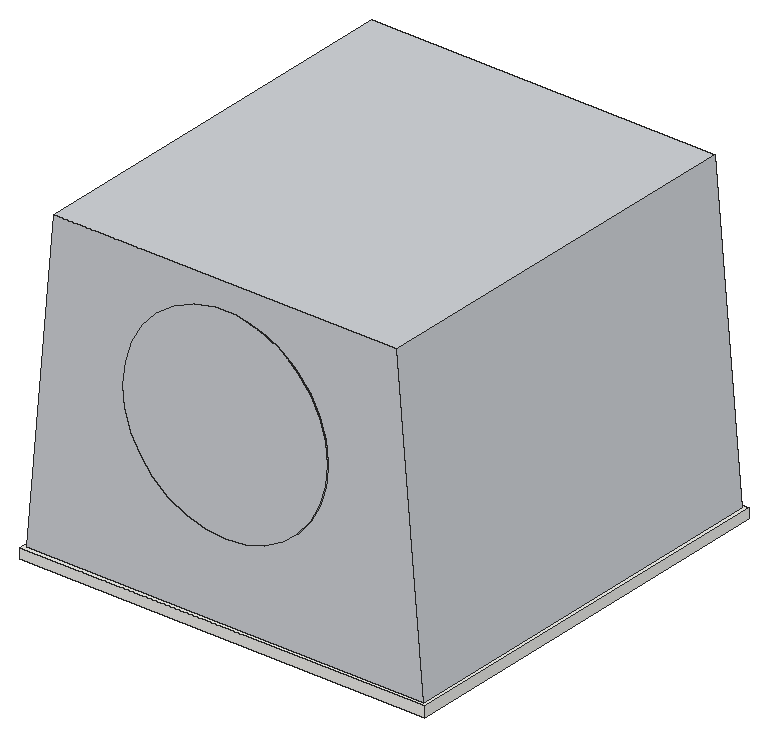
Revit family "MADEL_DIFFUSER_CONCAVE ELEMENTS_NEX-S+(BOXSTAR - BOXSTARS)– (1.D1)_0", category Air Terminals, Revit 2015 (continued)
Types (10, lengths in mm): name | n_factor | m_factor | c_factor | b_factor | V675 | V600 | V500 | V400 | V625 | Plenum Box | Lw (dB(A)) | Diffuser grill | Q | Product Type | Product Size | Product Reference | Plenum Connection Type | Vmed | Vmax | V[m/s] | Model | Min Flow | Max Flow | E | D_Connector | DPt | D1 | D | BOXSTAR/S | BOXSTAR | Afree | A
  NEX-S 600+BOXSTAR/S | 31.971 | 1.9094 | -8.3332 | -3.9584 | no | yes | no | no | no | Plenum_BOXSTAR-BOXSTARS (1.D1) : 600 | 35.5859 | (R) NEX-S : 600 | 625.68 m³/h | "NEX-S 600+BOXSTAR/S" | "dim.600" | "NEX-S/T15+BOXSTAR/S-AIS-R" | "Upper" | 3.95 m/s | 5.4 m/s | 3.95 | "NEX-S 600+BOXSTAR/S" | 396 m³/h | 855.36 m³/h | 595.0 | 250.0 | 24.0467 Pa | 248.0 | 575.0 | yes | no | 0.0440 m² | 576.0
  NEX-S 625+BOXSTAR/S | 31.971 | 1.9094 | -8.3332 | -3.9584 | no | no | no | no | yes | Plenum_BOXSTAR-BOXSTARS (1.D1) : 625 | 35.5859 | (R) NEX-S : 625 | 625.68 m³/h | "NEX-S 625+BOXSTAR/S" | "dim.625" | "NEX-S/T15+BOXSTAR/S-AIS-R" | "Upper" | 3.95 m/s | 5.4 m/s | 3.95 | "NEX-S 625+BOXSTAR/S" | 396 m³/h | 855.36 m³/h | 620.0 | 250.0 | 24.0467 Pa | 248.0 | 600.0 | yes | no | 0.0440 m² | 601.0
  NEX-S 675+BOXSTAR/S | 31.971 | 1.9094 | -8.3332 | -3.9584 | yes | no | no | no | no | Plenum_BOXSTAR-BOXSTARS (1.D1) : 675 | 35.5859 | (R) NEX-S : 675 | 625.68 m³/h | "NEX-S 675+BOXSTAR/S" | "dim.675" | "NEX-S/T15+BOXSTAR/S-AIS-R" | "Upper" | 3.95 m/s | 5.4 m/s | 3.95 | "NEX-S 675+BOXSTAR/S" | 396 m³/h | 855.36 m³/h | 670.0 | 250.0 | 24.0467 Pa | 248.0 | 650.0 | yes | no | 0.0440 m² | 651.0
